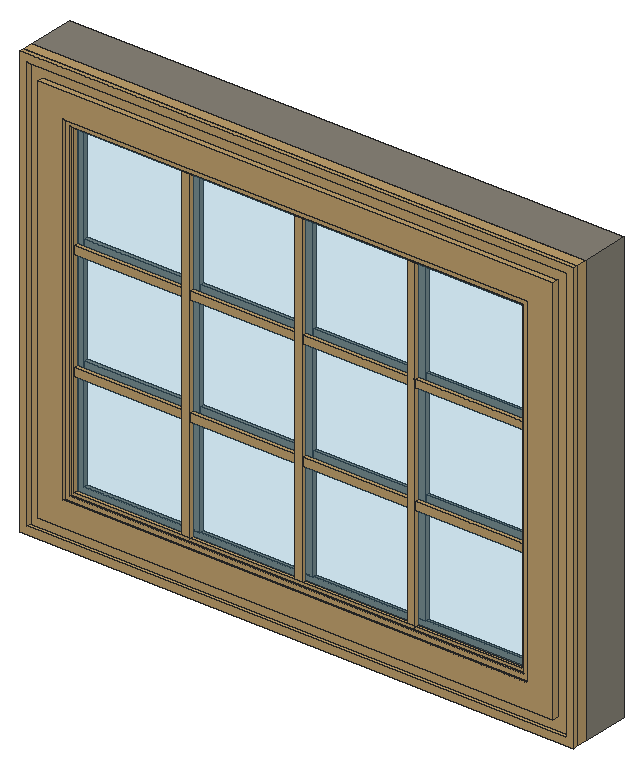
Revit family
Parameters (values of type "CMH")
  Window Type = "Clad Magnum Hopper"
  Vent Area = VO Width * VO Height  # 11.1502 SF
  VO Width = Width - 0' 8 1/8"  # 3' - 9 7/8"
  VO Height = Height - 0' 7"  # 2' - 11"
  URL = "www.marvin.com"
  Prairie Corner Width = 0' - 4"
  Prairie Corner Height = 0' - 4"
  Nominal Width = 4' - 6"
  Nominal Height = 3' - 6"
  Muntins Interior Material = Wood-Marvin-Pine
  Muntins Exterior Material = Aluminum-Marvin-Bronze
  Model = "CMH"
  Manufacturer = "Marvin Windows and Doors"
  Lites Wide = 4
  Lites High = 3
  Lite Cut Prairie 9 = no
  Lite Cut HV Grid = not(Lite Cut Prairie 9)  # yes
  Label Visibility = no
  Interior Material = Wood-Marvin-Pine
  Glazing Material = Glass-Marvin-IG Low E II with Argon
  Glass Type = "IG Low E II with Argon"
  Frame = "Aluminum Clad"
  Family created by = "www.rbuiltcomponents.com"
  Rough Width = Width + 0' 1"  # 4' - 7"
  Rough Height = Height + 0' 0 1/2"  # 3' - 6 1/2"
  Muntins Interior Visibility = yes
  Muntins Exterior Visibility = yes
  Jamb Extension Visibility = yes
  Inset to Installation Flange [instance] = 0' - 1"
  Height = Nominal Height  # 3' - 6"
  Design Pressure = if(or(Width > 5' 8", Height > 4' 0"), "", "DP40")  # "DP40"
  Description = "HPPR"
  Default Head Height = 8' - 0"
  Wall Closure = (empty or 0)
  Width = Nominal Width  # 4' - 6"
  Daylight Area = DLO Width * DLO Height  # 9.71191 SF
  DLO Width = Width - 0' 10 1/8"  # 3' - 7 7/8"
  DLO Height = Height - 0' 10 1/8"  # 2' - 7 7/8"
  Cladding Material = Aluminum-Marvin-Bronze
  Assembly Code = ""
Reference planes (in)
  plane 1 "Center (Front/Back)": y = 0
  plane 2: z = 0
  plane 3 "Center (Left/Right)": x = -3
  plane 4 "Left": x = -30
  plane 5 "Right": x = 24
  plane 6 "Sill": z = 54
  plane 7 "Top": z = 96
  plane 8 "Inset": y = 2
  plane 9 "Jamb Ext Face": y = -2.5625
  plane 10: z = 75
  plane 11 "Glazing Face": y = -1.53125
  plane 12: y = -2.59375
Forms (in)
  Sweep 1, solid, material "Aluminum-Marvin-Bronze" <- "Cladding Material"
    path origin (0, -1.53125, 0) x (1, 0, 0) y (0, 0, 1)
      loop
        line (-30, 96) -> (-30, 54) -> (24, 54) -> (24, 96) -> (-30, 96)
    profile "Clad_Frame : Clad_Frame" origin (-30, -1.53125, 75) x (1, 0, 0) y (0, -1, 0)
      loop
        line (0.59458, -4.59375) -> (1.094, -1.33178) -> (1.52701, -1.08179) -> (2.50499, -1.08179) -> (2.938, -1.33178) -> (3.563, -1.33178) -> (3.563, -0.58179) -> (4.62225, -0.58179) -> (4.62225, -0.35179) -> (5.00909, -0.35179) -> (5.05853, 0) -> (0, 0) -> (0, -4.59375) -> (0.59458, -4.59375)
  Sweep 2, solid, material "Wood-Marvin-Pine" <- "Interior Material"
    path origin (0, -1.53125, 0) x (1, 0, 0) y (0, 0, 1)
      loop
        line (-30, 96) -> (-30, 54) -> (24, 54) -> (24, 96) -> (-30, 96)
    profile "Int_Frame : Int_Frame" origin (-30, -1.53125, 75) x (1, 0, 0) y (0, -1, 0)
      loop
        line (0, 1.031) -> (0, 0) -> (4.313, 0) -> (4.313, 0.9375) -> (5.063, 0.9375) -> (5.063, 1.3125) -> (4.844, 1.3125) -> (4.844, 1.4685) -> (4.313, 1.4685) -> (4.313, 1.656) -> (1.906, 1.656) -> (1.906, 1.031) -> (0, 1.031)
  Extrusion 3, solid, material "Wood-Marvin-Pine" <- "Interior Material", visible <- "Jamb Extension Visibility", detail levels medium+fine
    sketch origin (0, -2.5625, 0) x (1, 0, 0) y (0, 0, 1)
      loop
        line (-30, 96) -> (-30, 54) -> (24, 54) -> (24, 96) -> (-30, 96)
      loop
        line (-29.3125, 54.6875) -> (23.3125, 54.6875) -> (23.3125, 95.3125) -> (-29.3125, 95.3125) -> (-29.3125, 54.6875)
    from 0.03125 to 0.4375
  Extrusion 4, solid, material "Glass-Marvin-IG Low E II with Argon" <- "Glazing Material"
    sketch origin (0, -1.53125, 0) x (1, 0, 0) y (0, 0, 1)
      loop
        line (19.5, 91.5) -> (-25.5, 91.5) -> (-25.5, 58.5) -> (19.5, 58.5) -> (19.5, 91.5)
    from 0 to 0.15625
  Extrusion 5, solid, material "Glass-Marvin-IG Low E II with Argon" <- "Glazing Material"
    sketch origin (0, -1.53125, 0) x (1, 0, 0) y (0, 0, 1)
      loop
        line (19.5, 91.5) -> (-25.5, 91.5) -> (-25.5, 58.5) -> (19.5, 58.5) -> (19.5, 91.5)
    from 0.78125 to 0.90625
Lines and regions (in)
  Opening 1
    outline origin (-60, -3, 0) x (1, 0, 0) y (0, 0, 1)
      loop
        line (30, 96) -> (30, 54) -> (84, 54) -> (84, 96) -> (30, 96)
  Masking region 1
    outline origin (0, 0, 54) x (0, -1, 0) y (1, 0, 0)
      loop
        line (-3.0625, -30) -> (2.5625, -30) -> (2.5625, -28.094) -> (3.18725, -28.094) -> (3.18725, 22.094) -> (2.5625, 22.094) -> (2.5625, 24) -> (-3.0625, 24) -> (-3.0625, -30)
  Masking region 2
    outline origin (-3, 0, 0) x (0, 1, 0) y (0, 0, 1)
      loop
        line (3.0625, 96) -> (-2.5625, 96) -> (-2.5625, 94.094) -> (-3.18725, 94.094) -> (-3.18725, 55.906) -> (-2.5625, 55.906) -> (-2.5625, 54) -> (3.0625, 54) -> (3.0625, 96)
  Masking region 3, visible <- "Jamb Extension Visibility"
    outline origin (-3, 0, 0) x (0, 1, 0) y (0, 0, 1)
      loop
        line (-2.59375, 96) -> (-3, 96) -> (-3, 54) -> (-2.59375, 54) -> (-2.59375, 96)
  Masking region 4, visible <- "Jamb Extension Visibility"
    outline origin (0, 0, 0) x (1, 0, 0) y (0, 1, 0)
      loop
        line (24, -3) -> (24, -2.59375) -> (-30, -2.59375) -> (-30, -3) -> (24, -3)
  symbolic lines, style "Jamb Extension", visible <- "Jamb Extension Visibility", detail levels fine
    curve 1: line (-30, -3, 54) -> (-29.3125, -3, 54)
    curve 2: line (-29.3125, -3, 54) -> (-29.3125, -2.59375, 54)
    curve 3: line (24, -3, 54) -> (23.3125, -3, 54)
    curve 4: line (23.3125, -3, 54) -> (23.3125, -2.59375, 54)
    curve 5: line (-3, -3, 95.3125) -> (-3, -2.59375, 95.3125)
    curve 6: line (-3, -3, 54.6875) -> (-3, -2.59375, 54.6875)
  symbolic lines, style "WindowsFrameMullionProjection", detail levels coarse+medium
    curve 7: line (24, -2.5625, 0) -> (21.3745, -2.5625, 0)
    curve 8: line (21.3745, -2.5625, 0) -> (21.3745, -0.19947, 0)
    curve 9: line (23.40542, 3.0625, 0) -> (24, 3.0625, 0)
    curve 10: line (22.094, -3.18725, 0) -> (18.937, -3.18725, 0)
    curve 11: line (18.937, -3.18725, 0) -> (18.937, -0.94946, 0)
    curve 12: line (-27.3745, -0.94946, 0) -> (-24.937, -0.94946, 0)
    curve 13: line (-30, -2.5625, 0) -> (-27.3745, -2.5625, 0)
    curve 14: line (-27.3745, -2.5625, 0) -> (-27.3745, -0.19947, 0)
    curve 15: line (-29.40542, 3.0625, 0) -> (-30, 3.0625, 0)
    curve 16: line (-24.937, -3.18725, 0) -> (-24.937, -0.94946, 0)
    curve 17: line (-3, 3.0625, 96) -> (-3, 3.0625, 95.40542)
    curve 18: line (-3, -0.19947, 93.3745) -> (-3, -2.5625, 93.3745)
    curve 19: line (-3, -2.5625, 93.3745) -> (-3, -2.5625, 96)
    curve 20: line (-3, -0.94946, 93.3745) -> (-3, -0.94946, 90.937)
    curve 21: line (-3, -0.94946, 90.937) -> (-3, -3.18725, 90.937)
    curve 22: line (-3, -3.18725, 55.906) -> (-3, -3.18725, 59.063)
    curve 23: line (-3, 3.0625, 54) -> (-3, 3.0625, 54.59458)
    curve 24: line (-3, -0.19947, 56.6255) -> (-3, -2.5625, 56.6255)
    curve 25: line (-3, -2.5625, 56.6255) -> (-3, -2.5625, 54)
    curve 26: line (-3, -0.94946, 59.063) -> (-3, -3.18725, 59.063)
    curve 27: line (18.937, -3.18725, 0) -> (-24.937, -3.18725, 0)
    curve 28: line (18.937, -0.94946, 0) -> (21.3745, -0.94946, 0)
    curve 29: line (-24.937, -0.94946, 0) -> (18.937, -0.94946, 0)
    curve 30: line (-24.937, -3.18725, 0) -> (-28.094, -3.18725, 0)
    curve 31: line (-3, -3.18725, 59.063) -> (-3, -3.18725, 90.937)
    curve 32: line (-3, -0.94946, 59.063) -> (-3, -0.94946, 56.6255)
    curve 33: line (-3, -3.18725, 90.937) -> (-3, -3.18725, 94.094)
    curve 34: line (-3, -0.94946, 90.937) -> (-3, -0.94946, 59.063)
    curve 45: line (-28.906, -0.19947, 0) -> (-29.40542, 3.0625, 0)
    curve 46: line (-28.906, -0.19947, 0) -> (-27.3745, -0.19947, 0)
    curve 47: line (-28.094, -2.5625, 0) -> (-28.094, -3.18725, 0)
    curve 48: line (23.40542, 3.0625, 0) -> (22.906, -0.19947, 0)
    curve 49: line (21.3745, -0.19947, 0) -> (22.906, -0.19947, 0)
    curve 50: line (22.094, -3.18725, 0) -> (22.094, -2.5625, 0)
    curve 52: line (-3, -0.19947, 94.906) -> (-3, 3.0625, 95.40542)
    curve 53: line (-3, -0.19947, 93.3745) -> (-3, -0.19947, 94.906)
    curve 54: line (-3, -2.5625, 94.094) -> (-3, -3.18725, 94.094)
    curve 55: line (-3, -0.19947, 55.094) -> (-3, -0.19947, 56.6255)
    curve 56: line (-3, 3.0625, 54.59458) -> (-3, -0.19947, 55.094)
    curve 57: line (-3, -3.18725, 55.906) -> (-3, -2.5625, 55.906)
  symbolic lines, style "WindowsFrameMullionProjection", visible <- "Jamb Extension Visibility", detail levels coarse+medium
    curve 35: line (-29.3125, -2.59375, 54) -> (-29.3125, -3, 54)
    curve 36: line (-29.3125, -3, 54) -> (-30, -3, 54)
    curve 37: line (23.3125, -2.59375, 54) -> (23.3125, -3, 54)
    curve 38: line (23.3125, -3, 54) -> (24, -3, 54)
    curve 41: line (-3, -2.59375, 95.3125) -> (-3, -3, 95.3125)
    curve 42: line (-3, -3, 95.3125) -> (-3, -3, 96)
    curve 43: line (-3, -2.59375, 54.6875) -> (-3, -3, 54.6875)
    curve 44: line (-3, -3, 54.6875) -> (-3, -3, 54)
  symbolic lines, style "Jamb Extension", visible <- "Jamb Extension Visibility"
    curve 39: line (-3, -3, 54.6875) -> (-3, -3, 54)
    curve 40: line (-3, -3, 95.3125) -> (-3, -3, 96)
  symbolic lines, style "WindowsGlassProjection", detail levels coarse+medium
    curve 51: line (-24.937, -2.06835, 0) -> (18.937, -2.06835, 0)
    curve 58: line (-3, -2.06835, 59.063) -> (-3, -2.06835, 90.937)
  symbolic lines, style "Elevation Swing"
    curve 59: line (20.437, -1.53125, 92.437) -> (-3, -1.53125, 57.563)
    curve 60: line (-26.437, -1.53125, 92.437) -> (-3, -1.53125, 57.563)
Text (in)
  text "EXTERIOR" at (-58.6888, 50.90694, 0), in view "Ref. Level"
  text "INTERIOR" at (-58.6888, -37.76638, 0), in view "Ref. Level"
  text "Exterior" at (0, 43.65631, 123.19604), in view "Left"
  text "Exterior" at (0, 18.29385, 125.04747), in view "Right"
Dimensions and locks (in)
  equal spacing: plane 4 "Left", plane 3 "Center (Left/Right)", plane 5 "Right"
  "Width": plane 4 "Left" to plane 5 "Right"
  "Height": plane 6 "Sill" to plane 7 "Top"
  "Inset to Installation Flange": host wall to plane 8 "Inset"
  locked: plane 9 "Jamb Ext Face" to plane 8 "Inset" at 4.5625
  locked: Extrusion 4 sketch curve to plane 5 "Right" at 4.5
  locked: plane 4 "Left" to Extrusion 4 sketch curve at 4.5
  locked: Extrusion 4 sketch curve to plane 7 "Top" at 4.5
  locked: plane 6 "Sill" to Extrusion 4 sketch curve at 4.5
  equal spacing: plane 6 "Sill", plane 10, plane 7 "Top"
  "Default Head Height": plane 2 to plane 7 "Top"
  locked: Extrusion 3 sketch curve to Extrusion 3 sketch curve at 0.6875  (x2)
  locked: plane 7 "Top" to Extrusion 3 sketch curve at 0.6875
  locked: nested 4 to host wall at 12.00106
  locked: Extrusion 5 sketch curve to plane 7 "Top" at 4.5
  locked: Extrusion 5 sketch curve to plane 5 "Right" at 4.5
  locked: plane 6 "Sill" to Extrusion 5 sketch curve at 4.5
  locked: plane 4 "Left" to Extrusion 5 sketch curve at 4.5
  locked: plane 11 "Glazing Face" to Extrusion 4 at 0.15625
  locked: plane 11 "Glazing Face" to Extrusion 5 at 0.78125
  locked: plane 11 "Glazing Face" to Extrusion 5 at 0.90625
  locked: Extrusion 5 to Extrusion 5 at 0.125
  locked: nested 2 to plane 11 "Glazing Face" at 0.9375
  locked: plane 11 "Glazing Face" to plane 8 "Inset" at 3.53125
  locked: plane 12 to plane 9 "Jamb Ext Face" at 0.03125
  aligned and locked: plane 7 "Top" to Opening 1 sketch curve
  aligned and locked: plane 6 "Sill" to Opening 1 sketch curve  (x2)
  aligned and locked: plane 5 "Right" to Opening 1 sketch curve
  aligned and locked: plane 4 "Left" to Opening 1 sketch curve
  aligned and locked: nested 1 to plane 3 "Center (Left/Right)"
  aligned and locked: plane 8 "Inset" to nested 1
  aligned and locked: host wall to curve 1
  aligned and locked: curve 3 to host wall
  aligned and locked: plane 7 "Top" to Sweep 1 sketch curve
  aligned and locked: Sweep 1 sketch curve to plane 6 "Sill"
  aligned and locked: plane 5 "Right" to Sweep 1 sketch curve
  aligned and locked: Sweep 1 sketch curve to plane 4 "Left"
  aligned and locked: Sweep 2 sketch curve to plane 4 "Left"
  aligned and locked: plane 5 "Right" to Sweep 2 sketch curve
  aligned and locked: plane 7 "Top" to Sweep 2 sketch curve
  aligned and locked: Sweep 2 sketch curve to plane 6 "Sill"
  aligned and locked: Extrusion 3 sketch curve to plane 6 "Sill"
  aligned and locked: plane 5 "Right" to Extrusion 3 sketch curve
  aligned and locked: plane 10 to nested 2
  aligned and locked: nested 3 to plane 10
  aligned and locked: nested 3 to plane 3 "Center (Left/Right)"
  aligned and locked: plane 5 "Right" to Masking region 1 sketch curve
  aligned and locked: Masking region 1 sketch curve to plane 4 "Left"
  aligned and locked: plane 7 "Top" to Masking region 2 sketch curve
  aligned and locked: Masking region 2 sketch curve to plane 6 "Sill"
  aligned and locked: host wall to Extrusion 3
  aligned and locked: plane 3 "Center (Left/Right)" to nested 4
  aligned and locked: Extrusion 3 sketch curve to plane 4 "Left"
  aligned and locked: plane 7 "Top" to Extrusion 3 sketch curve
  aligned and locked: curve 5 to Extrusion 3
  aligned and locked: Extrusion 3 to curve 2  (x2)
  aligned and locked: curve 4 to Extrusion 3
  aligned and locked: plane 9 "Jamb Ext Face" to curve 13
  aligned and locked: curve 7 to plane 9 "Jamb Ext Face"
  aligned and locked: plane 4 "Left" to curve 36
  aligned and locked: curve 35 to Extrusion 3
  aligned and locked: curve 36 to host wall
  aligned and locked: plane 5 "Right" to curve 38
  aligned and locked: Extrusion 3 to curve 37  (x2)
  aligned and locked: host wall to curve 38
  aligned and locked: curve 25 to plane 9 "Jamb Ext Face"
  aligned and locked: plane 6 "Sill" to curve 39
  aligned and locked: Extrusion 3 to curve 39
  aligned and locked: curve 39 to host wall
  aligned and locked: plane 9 "Jamb Ext Face" to curve 19
  aligned and locked: plane 7 "Top" to curve 40
  aligned and locked: host wall to curve 42
  aligned and locked: Extrusion 3 to curve 41  (x2)
  aligned and locked: curve 43 to Extrusion 3
  aligned and locked: Extrusion 4 to plane 11 "Glazing Face"
  aligned and locked: plane 11 "Glazing Face" to nested 3
  aligned and locked: plane 3 "Center (Left/Right)" to nested 2
  aligned and locked: Sweep 1 to curve 15
  aligned and locked: curve 9 to Sweep 1
  aligned and locked: curve 10 to Sweep 2
  aligned and locked: curve 30 to Sweep 2
  aligned and locked: curve 16 to Sweep 2
  aligned and locked: curve 11 to Sweep 2
  aligned and locked: curve 12 to Sweep 1
  aligned and locked: curve 28 to Sweep 1
  aligned and locked: curve 14 to nested 1
  aligned and locked: Sweep 2 to curve 47
  aligned and locked: curve 46 to Sweep 1
  aligned and locked: curve 45 to Sweep 1
  aligned and locked: curve 48 to Sweep 1
  aligned and locked: Sweep 1 to curve 49
  aligned and locked: curve 8 to nested 1
  aligned and locked: curve 50 to Sweep 2
  aligned and locked: curve 16 to curve 51
  aligned and locked: curve 11 to curve 51
  aligned and locked: curve 17 to Sweep 1
  aligned and locked: curve 21 to Sweep 2
  aligned and locked: curve 26 to Sweep 2
  aligned and locked: curve 22 to Sweep 2
  aligned and locked: Sweep 1 to curve 32
  aligned and locked: curve 23 to Sweep 1
  aligned and locked: curve 52 to Sweep 1
  aligned and locked: Sweep 2 to curve 54
  aligned and locked: curve 56 to Sweep 1
  aligned and locked: curve 57 to Sweep 2
  aligned and locked: curve 26 to curve 58
  aligned and locked: curve 21 to curve 58
  aligned and locked: Masking region 2 sketch curve to Sweep 1
  aligned and locked: Masking region 1 sketch curve to Sweep 1
  aligned and locked: Sweep 1 to curve 53
  aligned and locked: curve 55 to Sweep 1
  aligned and locked: nested 5 to plane 8 "Inset"
  aligned and locked: nested 5 to plane 6 "Sill"
  aligned and locked: Extrusion 3 to curve 35
  aligned and locked: Extrusion 3 to curve 4
  aligned and locked: Extrusion 3 to curve 5
  aligned and locked: Extrusion 3 to curve 43
  aligned and locked: Extrusion 3 to curve 6
  aligned and locked: Extrusion 3 to plane 12
  aligned and locked: Masking region 2 sketch curve to plane 9 "Jamb Ext Face"
  aligned and locked: Masking region 2 sketch curve to Sweep 2  (x2)
  aligned and locked: Sweep 2 to Masking region 2 sketch curve
  aligned and locked: plane 7 "Top" to Masking region 3 sketch curve
  aligned and locked: Masking region 3 sketch curve to host wall
  aligned and locked: Masking region 1 sketch curve to plane 9 "Jamb Ext Face"
  aligned and locked: Masking region 1 sketch curve to Sweep 2  (x3)
  aligned and locked: plane 5 "Right" to Masking region 4 sketch curve
  aligned and locked: Masking region 4 sketch curve to host wall
  aligned and locked: Masking region 4 sketch curve to plane 4 "Left"
  aligned and locked: plane 6 "Sill" to Masking region 3 sketch curve
  aligned and locked: plane 12 to Masking region 4 sketch curve
  aligned and locked: plane 12 to Masking region 3 sketch curve
  aligned and locked: curve 60 to Sweep 1
  aligned and locked: Sweep 1 to curve 60
  aligned and locked: curve 59 to Sweep 1
Automatic sketch dimensions
  Extrusion 3 sketch curve to plane 4 "Left" = 0' - 0 11/16"
  curve 1 to plane 4 "Left" = 0' - 0"
  curve 3 to plane 5 "Right" = 0' - 0"
  Masking region 2 sketch curve to plane 9 "Jamb Ext Face" = 0' - 0"
  Masking region 1 sketch curve to plane 9 "Jamb Ext Face" = 0' - 0"
  curve 15 to plane 4 "Left" = 0' - 0"
  curve 9 to plane 5 "Right" = 0' - 0"
  curve 51 to plane 9 "Jamb Ext Face" = 0' - 0.49415"
  curve 23 to plane 6 "Sill" = 0' - 0"
  curve 17 to plane 7 "Top" = 0' - 0"
  curve 58 to plane 9 "Jamb Ext Face" = 0' - 0.49415"
  curve 57 to curve 25 = 0' - 0.7195"
  curve 53 to curve 52 = 0' - 1.5315"
  curve 13 to plane 4 "Left" = 0' - 0"
  curve 7 to plane 5 "Right" = 0' - 0"
  curve 25 to plane 6 "Sill" = 0' - 0"
  curve 19 to plane 7 "Top" = 0' - 0"
  curve 59 to plane 3 "Center (Left/Right)" = 0' - 0"
  curve 60 to plane 4 "Left" = 0' - 3.563"
  plane 5 "Right" to curve 59 = 0' - 3.563"
Nested families (in)
  nested 1: "Plan_Detail" at (-3, 2, 54) x (-1, 0, 0) z (0, 0, -1), type "Plan_Detail", detail levels fine
    with Width 4' - 6"
  nested 2: "Muntins" at (-3, -2.46875, 23.21875), visible <- "Muntins Interior Visibility", Muntin Material <- "Muntins Interior Material", type "Muntins"
    with MuntinDepth 0' - 0 11/32", Muntin Material Wood-Marvin-Pine, Muntin Extension 0' - 0 1/8", GlazingWidth 3' - 7 7/8", GlazingHeight 2' - 7 7/8", Width 3' - 8", VerticalMuntins 3, LitesHorizontal 4, Height 2' - 8", Inset Vert 0' - 10 5/8", Inset Horiz 0' - 10.29167"
  nested 3: "Muntins" at (-3, -1.53125, 23.21875), visible <- "Muntins Exterior Visibility", Muntin Material <- "Muntins Exterior Material", type "Muntins"
    with MuntinDepth 0' - 0 11/32", Muntin Material Aluminum-Marvin-Bronze, Muntin Extension 0' - 0 1/8", GlazingWidth 3' - 7 7/8", GlazingHeight 2' - 7 7/8", Width 3' - 8", VerticalMuntins 3, LitesHorizontal 4, Height 2' - 8", Inset Vert 0' - 10 5/8", Inset Horiz 0' - 10.29167"
  nested 4: "Label Annotation 1-16 w4" at (-3, 15.00106, 0), visible <- "Label Visibility", type "Label Annotation 1-16 w4"
    with Nominal Width 4' - 6", Nominal Height 3' - 6"
  nested 5: "Section_Detail" at (-3, 2, 54) x (0, -1, 0) z (1, 0, 0), type "Section_Detail", detail levels fine
    with Height 3' - 6"
Definition of nested family "Muntins"
  Parameters (values of type "Muntins")
    PrairieMuntVisible = no
    Prairie Corner Width = 0' - 4"
    Prairie Corner Height = 0' - 4"
    Muntin Extension = 0' - 0 7/16"
    GridMuntVisible = yes
    GlazingWidth = 2' - 0"
    GlazingHeight = 2' - 11 1/8"
    Width = GlazingWidth + Muntin Extension  # 2' - 0 7/16"
    VerticalMuntins = if(LitesHorizontal < 3, 2, LitesHorizontal - 1)  # 2
    VertMuntVisible = and(GridMuntVisible, LitesHorizontal > 2)  # yes
    MuntinWidth = 0' - 0 3/4"
    MuntinDepth [instance] = 0' - 0 3/8"
    Muntin Material [instance] = none
    LitesVertical = 3
    LitesHorizontal = 3
    HorizontalMuntins = if(LitesVertical < 3, 2, LitesVertical - 1)  # 2
    HorizMuntVisible = and(GridMuntVisible, LitesVertical > 2)  # yes
    Height = GlazingHeight + Muntin Extension  # 2' - 11 9/16"
    Inset Vert = if(LitesHorizontal < 3, (Width / 3) - (MuntinWidth / 2), (Width / LitesHorizontal) - (MuntinWidth / 2))  # 0' - 7.77083"
    Inset Horiz = if(LitesVertical < 3, (Height / 3) - (MuntinWidth / 2), (Height / LitesVertical) - (MuntinWidth / 2))  # 0' - 11.47917"
    CenterMuntinVertical = and(GridMuntVisible, LitesHorizontal = 2)  # no
    CenterMuntinHorizontal = and(GridMuntVisible, LitesVertical = 2)  # no
    Assembly Code = ""
  Reference planes (in)
    plane 1 "Center (Front/Back)": y = 0
    plane 2: z = 0
    plane 3 "Center (Left/Right)": x = 0
    plane 4: z = 35.78125
    plane 5: z = 53.5625
    plane 6: z = 71.34375
    plane 7: z = 59.86458
    plane 8: z = 47.26042
    plane 9: z = 71.125
    plane 10: z = 36
    plane 11: x = -12
    plane 12: x = 12
    plane 13: x = -4.44792
    plane 14: x = -12.21875
    plane 15: x = 12.21875
    plane 16: x = 4.44792
    plane 17: z = 67.125
    plane 18: z = 40
    plane 19: x = -8
    plane 20: x = 8
  Forms (in)
    Extrusion 1, solid, material <- "Muntin Material", visible <- "CenterMuntinVertical", detail levels medium+fine
      sketch origin (9, 0, 0) x (1, 0, 0) y (0, 0, 1)
        loop
          line (-9.375, 71.34375) -> (-9.375, 35.78125) -> (-8.625, 35.78125) -> (-8.625, 71.34375) -> (-9.375, 71.34375)
      from 0 to 0.375 <- "MuntinDepth"
    Extrusion 2, solid, material <- "Muntin Material", visible <- "CenterMuntinHorizontal", detail levels medium+fine
      sketch origin (-0.0013, 0, 14.6875) x (1, 0, 0) y (0, 0, 1)
        loop
          line (-12.21745, 39.25) -> (-12.21745, 38.5) -> (12.22005, 38.5) -> (12.22005, 39.25) -> (-12.21745, 39.25)
      from 0 to 0.375 <- "MuntinDepth"
    Extrusion 3, solid, material <- "Muntin Material", visible <- "VertMuntVisible", detail levels medium+fine
      sketch origin (4.92708, 0, -2.90625) x (1, 0, 0) y (0, 0, 1)
        loop
          line (-9.375, 74.25) -> (-9.375, 38.6875) -> (-8.625, 38.6875) -> (-8.625, 74.25) -> (-9.375, 74.25)
      from 0 to 0.375 <- "MuntinDepth"
    Extrusion 4, solid, material <- "Muntin Material", visible <- "HorizMuntVisible", detail levels medium+fine
      sketch origin (-3.09635, 0, 14.17708) x (1, 0, 0) y (0, 0, 1)
        loop
          line (-9.1224, 45.6875) -> (-9.1224, 44.9375) -> (15.3151, 44.9375) -> (15.3151, 45.6875) -> (-9.1224, 45.6875)
      from 0 to 0.375 <- "MuntinDepth"
    Extrusion 5, solid, material <- "Muntin Material", visible <- "HorizMuntVisible", detail levels medium+fine
      sketch origin (-3.09635, 0, 2.32292) x (1, 0, 0) y (0, 0, 1)
        loop
          line (-9.1224, 45.6875) -> (-9.1224, 44.9375) -> (15.3151, 44.9375) -> (15.3151, 45.6875) -> (-9.1224, 45.6875)
      from 0 to 0.375 <- "MuntinDepth"
    Extrusion 6, solid, material <- "Muntin Material", visible <- "VertMuntVisible", detail levels medium+fine
      sketch origin (13.07292, 0, -2.90625) x (1, 0, 0) y (0, 0, 1)
        loop
          line (-9.375, 74.25) -> (-9.375, 38.6875) -> (-8.625, 38.6875) -> (-8.625, 74.25) -> (-9.375, 74.25)
      from 0 to 0.375 <- "MuntinDepth"
    Extrusion 7, solid, material <- "Muntin Material", visible <- "PrairieMuntVisible", detail levels medium+fine
      sketch origin (1, 0, 0) x (1, 0, 0) y (0, 0, 1)
        loop
          line (-9, 71.34375) -> (-9, 35.78125) -> (-8.25, 35.78125) -> (-8.25, 71.34375) -> (-9, 71.34375)
      from 0 to 0.375 <- "MuntinDepth"
    Extrusion 8, solid, material <- "Muntin Material", visible <- "PrairieMuntVisible", detail levels medium+fine
      sketch origin (17, 0, 0) x (1, 0, 0) y (0, 0, 1)
        loop
          line (-9.75, 71.34375) -> (-9.75, 35.78125) -> (-9, 35.78125) -> (-9, 71.34375) -> (-9.75, 71.34375)
      from 0 to 0.375 <- "MuntinDepth"
    Extrusion 9, solid, material <- "Muntin Material", visible <- "PrairieMuntVisible", detail levels medium+fine
      sketch origin (-0.0013, 0, 28.25) x (1, 0, 0) y (0, 0, 1)
        loop
          line (-12.21745, 38.875) -> (-12.21745, 38.125) -> (12.22005, 38.125) -> (12.22005, 38.875) -> (-12.21745, 38.875)
      from 0 to 0.375 <- "MuntinDepth"
    Extrusion 10, solid, material <- "Muntin Material", visible <- "PrairieMuntVisible", detail levels medium+fine
      sketch origin (-0.0013, 0, 1.125) x (1, 0, 0) y (0, 0, 1)
        loop
          line (-12.21745, 39.625) -> (-12.21745, 38.875) -> (12.22005, 38.875) -> (12.22005, 39.625) -> (-12.21745, 39.625)
      from 0 to 0.375 <- "MuntinDepth"
  Cuts and joins
    joined: Extrusion 7, Extrusion 8, Extrusion 9, Extrusion 10
  Lines and regions (in)
    model lines, style "Muntins", visible <- "CenterMuntinHorizontal", detail levels coarse
      curve 1: line (-12.21875, 0, 53.5625) -> (12.21875, 0, 53.5625)
    model lines, style "Muntins", visible <- "HorizMuntVisible", detail levels coarse
      curve 2: line (-12.21875, 0, 59.48958) -> (12.21875, 0, 59.48958)
      curve 3: line (-12.21875, 0, 47.63542) -> (12.21875, 0, 47.63542)
    model lines, style "Muntins", visible <- "CenterMuntinVertical", detail levels coarse
      curve 4: line (0, 0, 71.34375) -> (0, 0, 35.78125)
    model lines, style "Muntins", visible <- "VertMuntVisible", detail levels coarse
      curve 5: line (-4.07292, 0, 71.34375) -> (-4.07292, 0, 35.78125)
      curve 6: line (4.07292, 0, 71.34375) -> (4.07292, 0, 35.78125)
    model lines, style "Muntins", visible <- "PrairieMuntVisible", detail levels coarse
      curve 7: line (-12.21875, 0, 66.75) -> (12.21875, 0, 66.75)
      curve 8: line (-12.21875, 0, 40.375) -> (12.21875, 0, 40.375)
      curve 9: line (-7.625, 0, 35.78125) -> (-7.625, 0, 71.34375)
      curve 10: line (7.625, 0, 35.78125) -> (7.625, 0, 71.34375)
  Dimensions and locks (in)
    "Inset Horiz": plane 6 to plane 7
    "Inset Horiz": plane 8 to plane 4
    equal spacing: plane 6, plane 5, plane 4
    "Height": plane 6 to plane 4
    "GlazingHeight": plane 9 to plane 10
    equal spacing: plane 9, plane 5, plane 10
    "GlazingWidth": plane 12 to plane 11
    equal spacing: plane 12, plane 3 "Center (Left/Right)", plane 11
    "MuntinWidth": Extrusion 1 sketch curve to Extrusion 1 sketch curve
    "Height": Extrusion 1 sketch curve to Extrusion 1 sketch curve
    "MuntinWidth": Extrusion 2 sketch curve to Extrusion 2 sketch curve
    "Width": Extrusion 2 sketch curve to Extrusion 2 sketch curve
    "MuntinWidth": Extrusion 3 sketch curve to Extrusion 3 sketch curve
    "Height": Extrusion 3 sketch curve to Extrusion 3 sketch curve
    "Width": plane 15 to plane 14
    equal spacing: plane 15, plane 3 "Center (Left/Right)", plane 14
    "Inset Vert": plane 13 to plane 14
    "Inset Vert": plane 15 to plane 16
    "MuntinWidth": Extrusion 4 sketch curve to Extrusion 4 sketch curve
    "Width": Extrusion 4 sketch curve to Extrusion 4 sketch curve
    "MuntinWidth": Extrusion 5 sketch curve to Extrusion 5 sketch curve
    "Width": Extrusion 5 sketch curve to Extrusion 5 sketch curve
    group 2 to group 3 = 0' - 0"  (x2)
    group 3 to group 2 = 0' - 11.85417"
    "MuntinWidth": Extrusion 6 sketch curve to Extrusion 6 sketch curve
    "Height": Extrusion 6 sketch curve to Extrusion 6 sketch curve
    group 4 to group 5 = 0' - 8.14583"
    group 4 to group 5 = 0' - 0"  (x2)
    "Prairie Corner Width": plane 19 to plane 11
    "Prairie Corner Width": plane 20 to plane 12
    "Prairie Corner Height": plane 9 to plane 17
    "Prairie Corner Height": plane 18 to plane 10
    "MuntinWidth": Extrusion 7 sketch curve to Extrusion 7 sketch curve
    "Height": Extrusion 7 sketch curve to Extrusion 7 sketch curve
    "MuntinWidth": Extrusion 8 sketch curve to Extrusion 8 sketch curve
    "Height": Extrusion 8 sketch curve to Extrusion 8 sketch curve
    "MuntinWidth": Extrusion 9 sketch curve to Extrusion 9 sketch curve
    "Width": Extrusion 9 sketch curve to Extrusion 9 sketch curve
    "MuntinWidth": Extrusion 10 sketch curve to Extrusion 10 sketch curve
    "Width": Extrusion 10 sketch curve to Extrusion 10 sketch curve
    aligned and locked: plane 6 to Extrusion 1  (x2)
    aligned and locked: Extrusion 1 to plane 4  (x3)
    aligned and locked: Extrusion 3 to plane 13  (x5)
    aligned and locked: Extrusion 3 to plane 4  (x3)
    aligned and locked: Extrusion 2 to plane 14
    aligned and locked: plane 15 to Extrusion 2
    aligned and locked: plane 6 to Extrusion 3
    aligned and locked: plane 7 to Extrusion 4
    aligned and locked: Extrusion 4 to plane 14
    aligned and locked: plane 15 to Extrusion 4
    aligned and locked: curve 1 to plane 5
    aligned and locked: plane 14 to curve 1
    aligned and locked: plane 15 to curve 1
    aligned and locked: Extrusion 5 to plane 14
    aligned and locked: Extrusion 5 to plane 8
    aligned and locked: plane 15 to Extrusion 5
    aligned and locked: Extrusion 5 to curve 3  (x2)
    aligned and locked: Extrusion 4 to curve 2  (x2)
    aligned and locked: curve 4 to plane 3 "Center (Left/Right)"
    aligned and locked: Extrusion 1 to curve 4  (x2)
    aligned and locked: Extrusion 3 to curve 5  (x2)
    aligned and locked: Extrusion 6 to curve 6  (x2)
    aligned and locked: Extrusion 6 to plane 16
    aligned and locked: plane 6 to Extrusion 6
    aligned and locked: plane 6 to curve 6
    aligned and locked: Extrusion 6 to plane 4
    aligned and locked: plane 4 to curve 6
    aligned and locked: cut or joined group of Extrusion 7, Extrusion 8, Extrusion 9, Extrusion 10 to plane 19
    aligned and locked: plane 20 to cut or joined group of Extrusion 7, Extrusion 8, Extrusion 9, Extrusion 10
    aligned and locked: plane 17 to cut or joined group of Extrusion 7, Extrusion 8, Extrusion 9, Extrusion 10
    aligned and locked: cut or joined group of Extrusion 7, Extrusion 8, Extrusion 9, Extrusion 10 to plane 18
    aligned and locked: cut or joined group of Extrusion 7, Extrusion 8, Extrusion 9, Extrusion 10 to curve 7  (x2)
    aligned and locked: cut or joined group of Extrusion 7, Extrusion 8, Extrusion 9, Extrusion 10 to curve 8  (x2)
    aligned and locked: cut or joined group of Extrusion 7, Extrusion 8, Extrusion 9, Extrusion 10 to curve 9  (x2)
    aligned and locked: cut or joined group of Extrusion 7, Extrusion 8, Extrusion 9, Extrusion 10 to curve 10  (x2)
  Automatic sketch dimensions
    Extrusion 1 sketch curve to plane 4 = 0' - 0"
    Extrusion 1 sketch curve to plane 3 "Center (Left/Right)" = 0' - 0 3/8"
    Extrusion 2 sketch curve to plane 14 = 0' - 0"
    Extrusion 2 sketch curve to plane 5 = 0' - 0 3/8"
    Extrusion 7 sketch curve to plane 4 = 0' - 0"
    Extrusion 7 sketch curve to plane 19 = 0' - 0"
    Extrusion 8 sketch curve to plane 4 = 0' - 0"
    Extrusion 8 sketch curve to plane 20 = 0' - 0 3/4"
    Extrusion 9 sketch curve to plane 14 = 0' - 0"
    Extrusion 9 sketch curve to plane 17 = 0' - 0 3/4"
    Extrusion 10 sketch curve to plane 14 = 0' - 0"
    Extrusion 10 sketch curve to plane 18 = 0' - 0"
    plane 19 to curve 9 = 0' - 0 3/8"
    curve 10 to plane 20 = 0' - 0 3/8"
    plane 18 to curve 8 = 0' - 0 3/8"
    curve 7 to plane 17 = 0' - 0 3/8"
Definition of nested family "Plan_Detail"
  Parameters (values of type "Plan_Detail")
    Width = 3' - 0"
    Assembly Code = ""
  Reference planes (in)
    plane 1 "Center (Front/Back)": y = 0
    plane 2: z = 0
    plane 3 "Center (Left/Right)": x = 0
    plane 4: x = -18
    plane 5: x = 18
  Lines and regions (in)
    detail lines, style "DetailComponentsHiddenLines", in view "Ref. Level"
      curve 1: line (-13.767, -2.56546, 0) -> (13.767, -2.56546, 0)
    detail lines, style "Cut Lines", in view "Ref. Level"
      curve 2: line (-13.50025, -3.57471, 0) -> (13.50025, -3.57471, 0)
      curve 3: line (-13.50025, -3.69971, 0) -> (13.50025, -3.69971, 0)
      curve 4: line (-13.50025, -4.32471, 0) -> (13.50025, -4.32471, 0)
      curve 5: line (-13.50025, -4.44971, 0) -> (13.50025, -4.44971, 0)
  Dimensions and locks (in)
    equal spacing: plane 4, plane 3 "Center (Left/Right)", plane 5
    "Width": plane 4 to plane 5
    aligned and locked: plane 4 to nested 1
    aligned and locked: plane 1 "Center (Front/Back)" to nested 1
    aligned and locked: nested 2 to plane 5
    aligned and locked: nested 2 to plane 1 "Center (Front/Back)"
    aligned and locked: curve 1 to nested 1
    aligned and locked: nested 1 to curve 1
    aligned and locked: curve 1 to nested 2
    aligned and locked: curve 2 to nested 1  (x2)
    aligned and locked: nested 1 to curve 3
    aligned and locked: curve 3 to nested 1
    aligned and locked: nested 1 to curve 4
    aligned and locked: curve 4 to nested 1
    aligned and locked: curve 5 to nested 1  (x2)
    aligned and locked: curve 2 to nested 2
    aligned and locked: nested 2 to curve 3
    aligned and locked: nested 2 to curve 4
    aligned and locked: curve 5 to nested 2
  Nested families (in)
    nested 1: "Jamb_Detail" at (-18, 0, 0), type "Jamb_Detail", in view "Ref. Level"
    nested 2: "Jamb_Detail" at (18, 0, 0) x (-1, 0, 0) z (0, 0, 1), type "Jamb_Detail", in view "Ref. Level"
  Definition of nested family "Jamb_Detail"
    Reference planes (in)
      plane 1 "Center (Front/Back)": y = 0
      plane 2: z = 0
      plane 3 "Center (Left/Right)": x = 0
    Lines and regions (in)
      detail lines, style "Cut Lines", in view "Ref. Level"
        curve 1: line (0, -4.5625, 0) -> (0, 1.0625, 0)
        curve 2: line (0.59458, 1.0625, 0) -> (1.094, -2.19947, 0)
        curve 3: line (1.52701, -2.44946, 0) -> (2.50499, -2.44946, 0)
        curve 4: line (2.50499, -2.44946, 0) -> (2.938, -2.19947, 0)
        curve 5: line (2.938, -2.19947, 0) -> (3.563, -2.19947, 0)
        curve 6: line (3.563, -2.51546, 0) -> (3.563, -2.19947, 0)
        curve 7: line (2.6255, -4.5625, 0) -> (0, -4.5625, 0)
        curve 8: line (1.906, -5.1875, 0) -> (1.906, -4.5625, 0)
        curve 9: line (1.906, -5.1875, 0) -> (4.313, -5.1875, 0)
        curve 10: line (4.313, -5.1875, 0) -> (4.313, -5.01196, 0)
        curve 11: line (4.313, -5.01196, 0) -> (4.844, -5.01196, 0)
        curve 12: line (5.063, -4.85596, 0) -> (5.063, -4.48096, 0)
        curve 13: line (5.00909, -3.17946, 0) -> (5.05853, -3.53125, 0)
        curve 14: line (4.62225, -3.17946, 0) -> (5.00909, -3.17946, 0)
        curve 15: line (4.62225, -2.94946, 0) -> (4.62225, -3.17946, 0)
        curve 16: line (2.938, -2.94946, 0) -> (4.62225, -2.94946, 0)
        curve 17: line (4.233, -2.56546, 0) -> (4.233, -2.94946, 0)
        curve 18: line (4.169, -2.66746, 0) -> (4.169, -2.82746, 0)
        curve 19: line (5.05853, -3.53125, 0) -> (4.313, -3.53125, 0)
        curve 20: line (3.927, -2.51546, 0) -> (3.563, -2.51546, 0)
        curve 21: line (3.927, -2.82746, 0) -> (3.927, -2.51546, 0)
        curve 22: line (4.169, -2.82746, 0) -> (3.927, -2.82746, 0)
        curve 23: line (5.063, -4.48096, 0) -> (4.313, -4.48096, 0)
        curve 24: line (5.063, -4.85596, 0) -> (4.844, -4.85596, 0)
        curve 25: line (4.844, -4.85596, 0) -> (4.844, -5.01196, 0)
        curve 26: line (4.313, -4.48096, 0) -> (4.313, -3.53125, 0)
        curve 27: line (2.188, -3.57447, 0) -> (2.188, -4.5625, 0)
        curve 28: line (2.6255, -4.5625, 0) -> (2.6255, -3.69946, 0)
        curve 29: line (2.938, -2.94946, 0) -> (2.938, -3.57447, 0)
        curve 30: line (2.938, -3.57447, 0) -> (2.188, -3.57447, 0)
        curve 31: line (3.1255, -2.94946, 0) -> (3.1255, -3.69946, 0)
        curve 32: line (2.6255, -3.69946, 0) -> (3.1255, -3.69946, 0)
        curve 33: line (4.137, -2.56546, 0) -> (4.233, -2.56546, 0)
        curve 34: line (4.137, -2.56546, 0) -> (4.137, -2.66746, 0)
        curve 35: line (4.137, -2.66746, 0) -> (4.169, -2.66746, 0)
        curve 36: line (1.52701, -2.44946, 0) -> (1.094, -2.19947, 0)
        curve 37: line (0.59458, 1.0625, 0) -> (0, 1.0625, 0)
        curve 38: line (0, 0.045, 0) -> (-1.50501, 0.045, 0)
        curve 39: line (-0.155, 0, 0) -> (-1.50501, 0, 0)
        curve 40: line (0, -0.11, 0) -> (-0.155, -0.11, 0)
        curve 41: line (-0.155, 0, 0) -> (-0.155, -0.11, 0)
        curve 42: line (-1.50501, 0.045, 0) -> (-1.50501, 0, 0)
        curve 43: line (4.87475, -4.32471, 0) -> (4.87475, -3.69971, 0)
        curve 44: line (4.62475, -3.69971, 0) -> (4.62475, -4.32471, 0)
        curve 45: line (4.49975, -3.57471, 0) -> (4.49975, -3.69971, 0)
        curve 46: line (4.49975, -4.44971, 0) -> (4.49975, -4.32471, 0)
Definition of nested family "Label Annotation 1-16 w4"
  Parameters
    Nominal Width = 0' - 0"
    Nominal Height = 0' - 0"
    Description = "DBHG MGNM"
  Reference planes (in)
    plane 1: y = 0
    plane 2: x = 0
  Text (in)
    label "Nominal Width X  Nominal Height Description" at (0.00375, -0.00345, 0), shows "Nominal Width", "Nominal Height", "Description"
Definition of nested family "Section_Detail"
  Parameters (values of type "Section_Detail")
    Height = 3' - 11 1/8"
    Assembly Code = ""
  Reference planes (in)
    plane 1 "Center (Front/Back)": y = 0
    plane 2: z = 0
    plane 3 "Center (Left/Right)": x = 0
    plane 4: y = 47.125
  Lines and regions (in)
    detail lines, style "DetailComponentsHiddenLines", in view "Ref. Level"
      curve 1: line (2.56546, 3.42062, 0) -> (2.56546, 42.892, 0)
    detail lines, style "Cut Lines", in view "Ref. Level"
      curve 2: line (3.57471, 4.49975, 0) -> (3.57471, 42.62525, 0)
      curve 3: line (3.69971, 4.49975, 0) -> (3.69971, 42.62525, 0)
      curve 4: line (4.32471, 4.49975, 0) -> (4.32471, 42.62525, 0)
      curve 5: line (4.44971, 4.49975, 0) -> (4.44971, 42.62525, 0)
  Dimensions and locks (in)
    "Height": plane 4 to plane 1 "Center (Front/Back)"
    aligned and locked: plane 3 "Center (Left/Right)" to nested 2
    aligned and locked: plane 3 "Center (Left/Right)" to nested 1
    aligned and locked: plane 1 "Center (Front/Back)" to nested 1
    aligned and locked: nested 2 to plane 4
    aligned and locked: curve 1 to nested 1
    aligned and locked: nested 1 to curve 1
    aligned and locked: curve 1 to nested 2
    aligned and locked: curve 2 to nested 1  (x2)
    aligned and locked: nested 1 to curve 3
    aligned and locked: curve 3 to nested 1
    aligned and locked: nested 1 to curve 4
    aligned and locked: curve 4 to nested 1
    aligned and locked: curve 5 to nested 1  (x2)
  Automatic sketch dimensions
    curve 3 to curve 1 = 0' - 0.26675"
    curve 2 to curve 3 = 0' - 0"
    curve 3 to curve 5 = 0' - 0"
    curve 4 to curve 5 = 0' - 0"
  Nested families (in)
    nested 1: "Sill_Detail" at (0, 0, 0), type "Sill_Detail", in view "Ref. Level"
    nested 2: "Head_Detail" at (0, 47.125, 0), type "Head_Detail", in view "Ref. Level"
  Definition of nested family "Sill_Detail"
    Reference planes (in)
      plane 1 "Center (Front/Back)": y = 0
      plane 2: z = 0
      plane 3 "Center (Left/Right)": x = 0
    Lines and regions (in)
      detail lines, style "Cut Lines", in view "Ref. Level"
        curve 1: line (4.5625, 0, 0) -> (-1.0625, 0, 0)
        curve 2: line (-1.0625, 0.59458, 0) -> (2.196, 1.09347, 0)
        curve 3: line (4.5625, 2.6255, 0) -> (4.5625, 0, 0)
        curve 4: line (5.1875, 1.906, 0) -> (4.5625, 1.906, 0)
        curve 5: line (5.1875, 1.906, 0) -> (5.1875, 4.313, 0)
        curve 6: line (5.1875, 4.313, 0) -> (5.01196, 4.313, 0)
        curve 7: line (5.01196, 4.313, 0) -> (5.01196, 4.844, 0)
        curve 8: line (4.85596, 5.063, 0) -> (4.48096, 5.063, 0)
        curve 9: line (3.17946, 5.00909, 0) -> (3.53125, 5.05853, 0)
        curve 10: line (3.17946, 4.62225, 0) -> (3.17946, 5.00909, 0)
        curve 11: line (2.94946, 4.62225, 0) -> (3.17946, 4.62225, 0)
        curve 12: line (2.94946, 2.938, 0) -> (2.94946, 4.62225, 0)
        curve 13: line (2.56546, 3.42062, 0) -> (2.94946, 3.42062, 0)
        curve 14: line (2.66746, 3.35662, 0) -> (2.82746, 3.35662, 0)
        curve 15: line (3.53125, 5.05853, 0) -> (3.53125, 4.313, 0)
        curve 16: line (2.51546, 3.11462, 0) -> (2.51546, 1.875, 0)
        curve 17: line (2.82746, 3.11462, 0) -> (2.51546, 3.11462, 0)
        curve 18: line (2.82746, 3.35662, 0) -> (2.82746, 3.11462, 0)
        curve 19: line (4.48096, 5.063, 0) -> (4.48096, 4.313, 0)
        curve 20: line (4.85596, 5.063, 0) -> (4.85596, 4.844, 0)
        curve 21: line (4.85596, 4.844, 0) -> (5.01196, 4.844, 0)
        curve 22: line (4.48096, 4.313, 0) -> (3.53125, 4.313, 0)
        curve 23: line (3.57447, 2.188, 0) -> (4.5625, 2.188, 0)
        curve 24: line (4.5625, 2.6255, 0) -> (3.69946, 2.6255, 0)
        curve 25: line (2.94946, 2.938, 0) -> (3.57447, 2.938, 0)
        curve 26: line (3.57447, 2.938, 0) -> (3.57447, 2.188, 0)
        curve 27: line (2.94946, 3.1255, 0) -> (3.69946, 3.1255, 0)
        curve 28: line (3.69946, 2.6255, 0) -> (3.69946, 3.1255, 0)
        curve 29: line (2.56546, 3.32462, 0) -> (2.56546, 3.42062, 0)
        curve 30: line (2.56546, 3.32462, 0) -> (2.66746, 3.32462, 0)
        curve 31: line (2.66746, 3.32462, 0) -> (2.66746, 3.35662, 0)
        curve 32: line (-1.0625, 0.59458, 0) -> (-1.0625, 0, 0)
        curve 33: line (-0.045, 0, 0) -> (-0.045, -1.50501, 0)
        curve 34: line (0, -0.155, 0) -> (0, -1.50501, 0)
        curve 35: line (0.11, 0, 0) -> (0.11, -0.155, 0)
        curve 36: line (0, -0.155, 0) -> (0.11, -0.155, 0)
        curve 37: line (-0.045, -1.50501, 0) -> (0, -1.50501, 0)
        curve 38: line (4.32471, 4.87475, 0) -> (3.69971, 4.87475, 0)
        curve 39: line (3.69971, 4.62475, 0) -> (4.32471, 4.62475, 0)
        curve 40: line (3.57471, 4.49975, 0) -> (3.69971, 4.49975, 0)
        curve 41: line (4.44971, 4.49975, 0) -> (4.32471, 4.49975, 0)
        curve 42: line (2.196, 1.57098, 0) -> (2.94946, 1.67687, 0)
        curve 43: line (2.196, 1.57098, 0) -> (2.196, 1.09347, 0)
        curve 44: line (2.94946, 1.67687, 0) -> (2.94946, 2.41, 0)
        curve 45: line (2.598, 2.41, 0) -> (2.598, 1.875, 0)
        curve 46: line (2.51546, 1.875, 0) -> (2.598, 1.875, 0)
        curve 47: line (2.598, 2.41, 0) -> (2.94946, 2.41, 0)
  Definition of nested family "Head_Detail"
    Reference planes (in)
      plane 1 "Center (Front/Back)": y = 0
      plane 2: z = 0
      plane 3 "Center (Left/Right)": x = 0
    Lines and regions (in)
      detail lines, style "Cut Lines", in view "Ref. Level"
        curve 1: line (4.5625, 0, 0) -> (-1.0625, 0, 0)
        curve 2: line (-1.0625, -0.59458, 0) -> (2.19947, -1.094, 0)
        curve 3: line (2.44946, -1.52701, 0) -> (2.44946, -2.50499, 0)
        curve 4: line (2.44946, -2.50499, 0) -> (2.19947, -2.938, 0)
        curve 5: line (2.19947, -2.938, 0) -> (2.19947, -3.563, 0)
        curve 6: line (2.51546, -3.563, 0) -> (2.19947, -3.563, 0)
        curve 7: line (4.5625, -2.6255, 0) -> (4.5625, 0, 0)
        curve 8: line (5.1875, -1.906, 0) -> (4.5625, -1.906, 0)
        curve 9: line (5.1875, -1.906, 0) -> (5.1875, -4.313, 0)
        curve 10: line (5.1875, -4.313, 0) -> (5.01196, -4.313, 0)
        curve 11: line (5.01196, -4.313, 0) -> (5.01196, -4.844, 0)
        curve 12: line (4.85596, -5.063, 0) -> (4.48096, -5.063, 0)
        curve 13: line (3.17946, -5.00909, 0) -> (3.53125, -5.05853, 0)
        curve 14: line (3.17946, -4.62225, 0) -> (3.17946, -5.00909, 0)
        curve 15: line (2.94946, -4.62225, 0) -> (3.17946, -4.62225, 0)
        curve 16: line (2.94946, -2.938, 0) -> (2.94946, -4.62225, 0)
        curve 17: line (2.56546, -4.233, 0) -> (2.94946, -4.233, 0)
        curve 18: line (2.66746, -4.169, 0) -> (2.82746, -4.169, 0)
        curve 19: line (3.53125, -5.05853, 0) -> (3.53125, -4.313, 0)
        curve 20: line (2.51546, -3.927, 0) -> (2.51546, -3.563, 0)
        curve 21: line (2.82746, -3.927, 0) -> (2.51546, -3.927, 0)
        curve 22: line (2.82746, -4.169, 0) -> (2.82746, -3.927, 0)
        curve 23: line (4.48096, -5.063, 0) -> (4.48096, -4.313, 0)
        curve 24: line (4.85596, -5.063, 0) -> (4.85596, -4.844, 0)
        curve 25: line (4.85596, -4.844, 0) -> (5.01196, -4.844, 0)
        curve 26: line (4.48096, -4.313, 0) -> (3.53125, -4.313, 0)
        curve 27: line (3.57447, -2.188, 0) -> (4.5625, -2.188, 0)
        curve 28: line (4.5625, -2.6255, 0) -> (3.69946, -2.6255, 0)
        curve 29: line (2.94946, -2.938, 0) -> (3.57447, -2.938, 0)
        curve 30: line (3.57447, -2.938, 0) -> (3.57447, -2.188, 0)
        curve 31: line (2.94946, -3.1255, 0) -> (3.69946, -3.1255, 0)
        curve 32: line (3.69946, -2.6255, 0) -> (3.69946, -3.1255, 0)
        curve 33: line (2.56546, -4.137, 0) -> (2.56546, -4.233, 0)
        curve 34: line (2.56546, -4.137, 0) -> (2.66746, -4.137, 0)
        curve 35: line (2.66746, -4.137, 0) -> (2.66746, -4.169, 0)
        curve 36: line (2.44946, -1.52701, 0) -> (2.19947, -1.094, 0)
        curve 37: line (-1.0625, -0.59458, 0) -> (-1.0625, 0, 0)
        curve 38: line (-0.045, 0, 0) -> (-0.045, 1.50501, 0)
        curve 39: line (0, 0.155, 0) -> (0, 1.50501, 0)
        curve 40: line (0.11, 0, 0) -> (0.11, 0.155, 0)
        curve 41: line (0, 0.155, 0) -> (0.11, 0.155, 0)
        curve 42: line (-0.045, 1.50501, 0) -> (0, 1.50501, 0)
        curve 43: line (4.32471, -4.87475, 0) -> (3.69971, -4.87475, 0)
        curve 44: line (3.69971, -4.62475, 0) -> (4.32471, -4.62475, 0)
        curve 45: line (3.57471, -4.49975, 0) -> (3.69971, -4.49975, 0)
        curve 46: line (4.44971, -4.49975, 0) -> (4.32471, -4.49975, 0)
